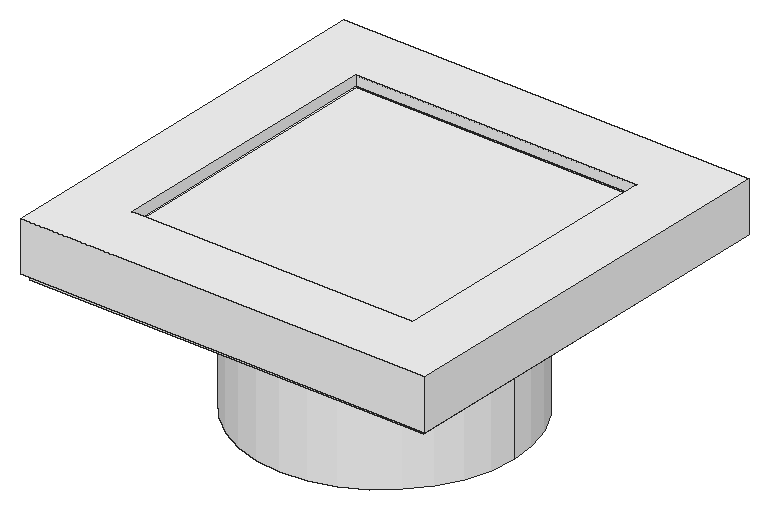
Revit family "Gira_283226", category Electrical Fixtures, host Face, Revit 2017
Family settings
  Host = Face
  Maintain Annotation Orientation = Yes
  Round Connector Dimension = Use Diameter
  Part Type = Normal
  Cut with Voids When Loaded = No
  Shared = No
  Room Calculation Point = No
Parameters (values of type "Wippschalter 3f Wechselsch. System 55 F Alu")
  Zusammenstellung = "Basiselement mit Adapterplatte"
  White [instance] = White
  Werkstoffgüte = "sonstige"
  Werkstoff = "sonstige"
  Waschmaschinenschalter = "No"
  URL = "http://katalog.gira.de/de_DE/datenblatt.html?artikelnr=283226"
  Textfeld/Beschriftungsfläche = "nein"
  Tastschalter = "No"
  Schaltungsart = "Wechselschalter"
  Rückmeldekontakt = "No"
  Region = "DE"
  Oberfläche = "sonstige"
  Nennspannung = "250 Volt"
  Name = "Wippschalter 3f Wechselsch. System 55 F Alu"
  Montageart = "unter Putz"
  Model = "Sys55_Komplettgerät_Schalten und Tasten"
  Mit Montageplatte = "No"
  Manufacturer URL = "https://www.gira.de/"
  HeinzeBIM = "https://bimportal.heinze.de/bim/wippschalter-3f-wechselsch-system-55-f-alu/1a14ee82f03e8149e82701061eb038ba39fd5133"
  Halogenfrei = "Yes"
  HAN = "283226"
  Geeignet für Schutzart (IP) = "IP20"
  GTIN = "4010337832263"
  Farbe = "aluminium"
  Default Elevation = 1219.2 mm
  Data sheet (1) = "https://katalog.gira.de/de_DE/download.html?artikelnr=283226"
  Category = "Installationsschalter"
  Bemessungsstrom = "10 Ampere"
  Beleuchtung = "nein"
  Befestigungsart = "Schraubbefestigung"
  Bedienungsart = "Wippe/Taste"
  Available = "Yes"
  Anzahl der Module (bei Modulbauweise) = "1 "
  Anzahl der Betätigungswippen = "3 "
  Anschlussart = "Schraubklemme"
Reference planes
  plane 1 "Center (Front/Back)": y = 0
  plane 2: z = 0
  plane 3 "Center (Left/Right)": x = 0
Forms (mm)
  Extrusion 1, solid, material "White" <- "White", detail levels medium
    sketch origin (0, 0, 0) x (1, 0, 0) y (0, 1, 0)
      loop
        line (-40.4, 40.4) -> (-40.4, -40.4) -> (40.4, -40.4) -> (40.4, 40.4) -> (-40.4, 40.4)
      loop
        line (-28, 28) -> (-28, -28) -> (28, -28) -> (28, 28) -> (-28, 28)
    from 0 to 10
  Extrusion 2, solid, material "White" <- "White", detail levels fine
    sketch origin (0, 0, 0) x (1, 0, 0) y (0, 1, 0)
      loop
        line (-40.4, 40.4) -> (-40.4, -40.4) -> (40.4, -40.4) -> (40.4, 40.4) -> (-40.4, 40.4)
      loop
        line (-28, 28) -> (-28, -28) -> (28, -28) -> (28, 28) -> (-28, 28)
    from 0 to 10
  Extrusion 3, void
    sketch origin (0, 0, 0) x (1, 0, 0) y (0, 1, 0)
      loop
        line (-38.4, 38.4) -> (-38.4, -38.4) -> (38.4, -38.4) -> (38.4, 38.4) -> (-38.4, 38.4)
    from 0 to 8
  Extrusion 4, solid, material "White" <- "White", detail levels medium+fine
    sketch origin (0, 0, 0) x (1, 0, 0) y (0, 1, 0)
      loop
        line (-39.4, 39.4) -> (-39.4, -39.4) -> (39.4, -39.4) -> (39.4, 39.4) -> (-39.4, 39.4)
    from 0 to -1
  Extrusion 5, solid, material "White" <- "White", detail levels medium+fine
    sketch origin (0, 0, 0) x (1, 0, 0) y (0, 1, 0)
      loop
        line (-35.5, 35.5) -> (-35.5, -35.5) -> (35.5, -35.5) -> (35.5, 35.5) -> (-35.5, 35.5)
    from -2 to -3
  Extrusion 6, solid, material "White" <- "White", detail levels medium+fine
    sketch origin (0, 0, 0) x (1, 0, 0) y (0, 1, 0)
      loop
        circle (0, 0) r 26
    from 0 to -27.5
  Extrusion 7, solid, material "White" <- "White", detail levels coarse
    sketch origin (0, 0, 0) x (1, 0, 0) y (0, 1, 0)
      loop
        line (-40.4, 40.4) -> (-40.4, -40.4) -> (40.4, -40.4) -> (40.4, 40.4) -> (-40.4, 40.4)
    from -27.5 to 10
Cuts and joins
  Extrusion 3 cuts Extrusion 2
Dimensions and locks
  aligned and locked: plane 2 to host face
  aligned and locked: level to host face
  aligned and locked: plane 3 "Center (Left/Right)" to nested 2
  aligned and locked: plane 1 "Center (Front/Back)" to nested 2
Nested families
  nested 1: "Sys55_Abdeckung_Schalten und Tasten_floor_base" at (0, 0, 0), type "Sys55_Abdeckung_Schalten und Tasten_floor_base"
  nested 2: "Schalter" at (0, 0, 0), type "Schalter"
Connectors
  electrical at (0, 0, -27.5)
    settings: on Extrusion 6, index 1, voltage 220 V, apparent load 0 VA, apparent load phase1 0 VA, apparent load phase2 0 VA, apparent load phase3 0 VA, power factor 1, load classification "Other", number of poles 1, system type 30, power factor state 1, is connector primary yes, connector utility no, sub classification motor no, connector description ""
Definition of nested family "Sys55_Abdeckung_Schalten und Tasten_floor_base"
  Parameters
    Default Elevation = 1219.2 mm
    White [instance] = none
  Reference planes
    plane 1 "Center (Front/Back)": y = 0
    plane 2: z = 0
    plane 3 "Center (Left/Right)": x = 0
  Forms (mm)
    Extrusion 1, solid
      sketch origin (0, 0, 0) x (1, 0, 0) y (0, 1, 0)
        loop
          line (-1219.2, 1219.2) -> (-1219.2, -1219.2) -> (1219.2, -1219.2) -> (1219.2, 1219.2) -> (-1219.2, 1219.2)
      from 0 to -304.8
    Extrusion 2, solid, material <- "White", detail levels fine
      sketch origin (0, 0, 0) x (1, 0, 0) y (0, 1, 0)
        loop
          line (-27.5, 27.5) -> (-27.5, -27.5) -> (27.5, -27.5) -> (27.5, 27.5) -> (-27.5, 27.5)
      from 0 to 8
    Extrusion 3, void
      sketch origin (0, 0, 0) x (1, 0, 0) y (0, 1, 0)
        loop
          line (26, 26) -> (-26, 26) -> (-26, -26) -> (26, -26) -> (26, 26)
      from 0 to 6
    Extrusion 4, solid, material <- "White", detail levels medium
      sketch origin (0, 0, 0) x (1, 0, 0) y (0, 1, 0)
        loop
          line (-27.5, 27.5) -> (-27.5, -27.5) -> (27.5, -27.5) -> (27.5, 27.5) -> (-27.5, 27.5)
      from 0 to 8
    Extrusion 5, solid, material <- "White", detail levels medium
      sketch origin (0, 0, 0) x (1, 0, 0) y (0, 1, 0)
        loop
          line (11, -17.5) -> (11, 17.5) -> (-11, 17.5) -> (-11, -17.5) -> (11, -17.5)
      from -6 to 6
    Extrusion 6, solid, material <- "White", detail levels fine
      sketch origin (0, 0, 0) x (1, 0, 0) y (0, 1, 0)
        loop
          line (11, 17.5) -> (-11, 17.5) -> (-11, 16.5) -> (11, 16.5) -> (11, 17.5)
        loop
          line (-11, -16.5) -> (-11, -17.5) -> (11, -17.5) -> (11, -16.5) -> (-11, -16.5)
      from -4 to 6
    Extrusion 7, solid, material <- "White", detail levels fine
      sketch origin (0, 0, 0) x (1, 0, 0) y (0, 1, 0)
        loop
          arc (5, 9.347) -> (0, 10.6) -> (-5, 9.347) r 10.6
          line (-5, 9.347) -> (-5, -9.347)
          arc (-5, -9.347) -> (0, -10.6) -> (5, -9.347) r 10.6
          line (5, -9.347) -> (5, 9.347)
      from -6 to 6
    Extrusion 8, solid, material <- "White", detail levels coarse
      sketch origin (0, 0, 0) x (1, 0, 0) y (0, 1, 0)
        loop
          line (-27.5, 27.5) -> (-27.5, -27.5) -> (27.5, -27.5) -> (27.5, 27.5) -> (-27.5, 27.5)
      from -6 to 8
  Cuts and joins
    Extrusion 3 cuts Extrusion 2
  Dimensions and locks
    aligned and locked: plane 2 to Extrusion 1
    aligned and locked: level to Extrusion 1
Definition of nested family "Schalter"
  Reference planes
    plane 1: y = 0
    plane 2: x = 0
  Lines and regions (mm)
    detail lines
      curve 1: circle (1.375, 2.778, 0) r 0.8 normal (0, 0, 1)
      curve 2: line (1.021, 2.061, 0) -> (0, 0, 0)
      curve 3: line (0, 0, 0) -> (-0.538, 0.266, 0)
  Dimensions and locks
    curve 2 to curve 2 = 2.3 mm
    curve 3 to curve 2 = 0.6 mm
    radius of curve 1 = 0.8 mm
